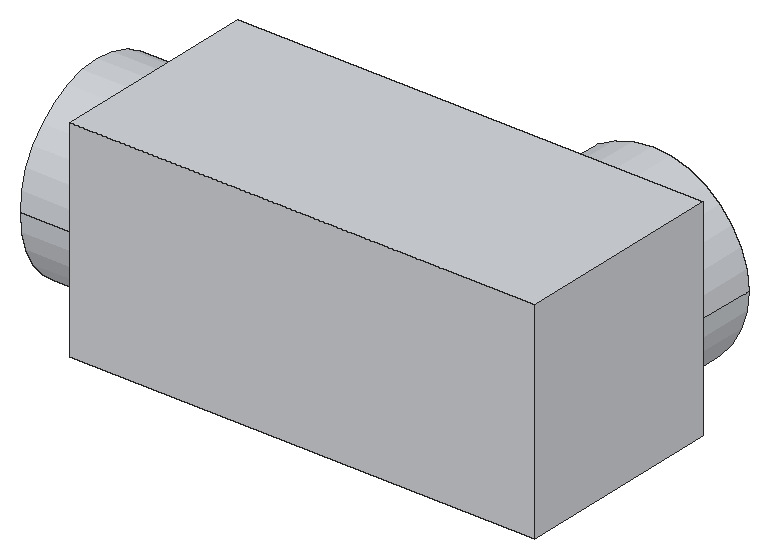
Revit family "M_Corpo do conduíte - Entrada de serviço tipo L - Alumínio", category Conexões do conduite, Revit 2019
Family settings
  Cota do conector redondo = Usar raio
  Tipo de parte = Cotovelo da caixa de conexões
  Número OmniClass = 23.80.30.17.11
  Título OmniClass = Conduits
  ID de item do Seek = Conduit Body - Service Entrance Type L - Aluminum-0000-CAN-ENU
  Com base no plano de trabalho = Não
  Sempre na vertical = Sim
  Corte com vazios quando carregada = Não
  Compartilhado = Não
Parameters (values of type "Padrão")
  Comprimento total 2 [instance] = size_lookup(Pesquisa de tamanho de conduite, "TLgt2", 1.57 * Diâmetro nominal máximo 12 + 29.17 mm, Diâmetro nominal máximo 12)  # 39.688 mm
  Comprimento total 1 [instance] = size_lookup(Pesquisa de tamanho de conduite, "TLgt1", 2.59 * Diâmetro nominal máximo 12 + 49.312 mm, Diâmetro nominal máximo 12)  # 77.788 mm
  Raio nominal 2 [instance] = 8 mm
  Raio nominal 1 [instance] = 8 mm
  Diâmetro nominal 2 [instance] = Raio nominal 2 * 2  # 16 mm
  Diâmetro nominal 1 [instance] = Raio nominal 1 * 2  # 16 mm
  Diâmetro nominal máximo 12 [instance] = if(Diâmetro nominal 1 > Diâmetro nominal 2, Diâmetro nominal 1, Diâmetro nominal 2)  # 16 mm
  Comprimento 2 [instance] = Raio externo da conexão 2  # 14.288 mm
  Comprimento 1 [instance] = Comprimento total 1 - Comprimento do conduíte 1 - Comprimento 2  # 55.033 mm
  Raio externo da conexão 2 [instance] = Diâmetro externo da conexão 2 * 0.5  # 14.288 mm
  Raio externo da conexão 1 [instance] = Diâmetro externo da conexão 1 * 0.5  # 14.288 mm
  Diâmetro externo da conexão 2 [instance] = size_lookup(Pesquisa de tamanho de conduite, "FOD", 1.22 * Diâmetro nominal 2 + 13.692 mm, Diâmetro nominal 2)  # 28.575 mm
  Diâmetro externo da conexão 1 [instance] = size_lookup(Pesquisa de tamanho de conduite, "FOD", 1.22 * Diâmetro nominal 1 + 13.692 mm, Diâmetro nominal 1)  # 28.575 mm
  Pesquisa de tamanho de conduite = "M_Conduit Body - Service Entrance Type L - Aluminum"
  Comprimento do conduíte 2 [instance] = size_lookup(Pesquisa de tamanho de conduite, "CLgt", 0.13 * Diâmetro nominal 2 + 6.35 mm, Diâmetro nominal 2)  # 8.467 mm
  Comprimento do conduíte 1 [instance] = size_lookup(Pesquisa de tamanho de conduite, "CLgt", 0.13 * Diâmetro nominal 1 + 6.35 mm, Diâmetro nominal 1)  # 8.467 mm
  Comprimento 3 [instance] = Comprimento total 2 - Comprimento do conduíte 2  # 31.221 mm
Reference planes
  plane 1 "Centro (Frente/Trás)": y = 0
  plane 2: z = 0
  plane 3 "Centro (Esquerda/Direita)": x = 0
  plane 4: x = -55.033
  plane 5: x = 14.288
  plane 6: y = 15.61
  plane 7: y = -15.61
  plane 8: z = 15.61
  plane 9: z = -15.61
  plane 10: x = -63.5
  plane 11: y = 24.077
Forms (mm)
  Extrusion 1, solid
    sketch origin (0, 0, 0) x (1, 0, 0) y (0, 1, 0)
      loop
        line (-55.033, 15.61) -> (-55.033, -15.61) -> (14.288, -15.61) -> (14.288, 15.61) -> (-55.033, 15.61)
    from -15.61 to 15.61
  Extrusion 2, solid, detail levels fine
    sketch origin (0, 0, 0) x (0, 1, 0) y (0, 0, 1)
      loop
        circle (0, 0) r 14.288
    from -63.5 to -55.033
  Extrusion 3, solid, detail levels fine
    sketch origin (0, 0, 0) x (1, 0, 0) y (0, 0, 1)
      loop
        circle (0, 0) r 14.288
    from -15.61 to -24.077
Cuts and joins
  joined: Extrusion 2, Extrusion 3
Lines and regions (mm)
  model lines, detail levels coarse+medium
    curve 1: line (-63.5, 0, 0) -> (-55.033, 0, 0)
    curve 2: line (0, 24.077, 0) -> (0, 15.61, 0)
Dimensions and locks
  "Comprimento 1": plane 4 to plane 3 "Centro (Esquerda/Direita)"
  "Comprimento 2": plane 3 "Centro (Esquerda/Direita)" to plane 5
  equal spacing: plane 6, plane 1 "Centro (Frente/Trás)", plane 7
  "Comprimento 3": plane 6 to plane 7
  equal spacing: plane 8, plane 2, plane 9
  "Comprimento 3": plane 8 to plane 9
  "Comprimento do conduíte 1": plane 10 to plane 4
  "Comprimento do conduíte 2": plane 11 to plane 6
  "Raio externo da conexão 1": radius of Extrusion 2 sketch curve
  "Raio externo da conexão 2": radius of Extrusion 3 sketch curve
  aligned and locked: Extrusion 1 to plane 7
  aligned and locked: plane 6 to Extrusion 1
  aligned and locked: Extrusion 1 to plane 4
  aligned and locked: plane 5 to Extrusion 1
  aligned and locked: plane 8 to Extrusion 1
  aligned and locked: Extrusion 1 to plane 9
  aligned and locked: plane 2 to Extrusion 2 sketch curve
  aligned and locked: plane 1 "Centro (Frente/Trás)" to Extrusion 2 sketch curve
  aligned and locked: plane 4 to Extrusion 2
  aligned and locked: Extrusion 2 to plane 10
  aligned and locked: plane 2 to Extrusion 3 sketch curve
  aligned and locked: plane 3 "Centro (Esquerda/Direita)" to Extrusion 3 sketch curve
  aligned and locked: plane 11 to Extrusion 3
  aligned and locked: plane 10 to curve 1
  aligned and locked: plane 4 to curve 1
  aligned and locked: plane 1 "Centro (Frente/Trás)" to curve 1
  aligned and locked: plane 11 to curve 2
  aligned and locked: plane 6 to curve 2
  aligned and locked: curve 2 to plane 3 "Centro (Esquerda/Direita)"
  aligned and locked: cut or joined group of Extrusion 2, Extrusion 3 to plane 6
Automatic sketch dimensions
  plane 4 to Extrusion 1 sketch curve = 0 mm
  Extrusion 1 sketch curve to plane 5 = 0 mm
  plane 1 "Centro (Frente/Trás)" to Extrusion 1 sketch curve = 15.61 mm
  Extrusion 1 sketch curve to plane 1 "Centro (Frente/Trás)" = 15.61 mm
Connectors
  cabletrayconduit at (-63.5, 0, 0), diameter 16, driven by "Raio nominal 1"
    settings: on Extrusion 2, index 1, connector width 304.8 mm, connector height 304.8 mm, connector angle 0.00°, system type 32, placement type 0, profile type 0, connector reference index 2, is primary connector yes, connector utility param no, connector description ""
  cabletrayconduit at (0, 24.077, 0), diameter 16, driven by "Raio nominal 2"
    settings: on Extrusion 3, index 2, connector width 304.8 mm, connector height 304.8 mm, connector angle 0.00°, system type 32, placement type 0, profile type 0, connector reference index 1, is primary connector no, connector utility param no, connector description ""
